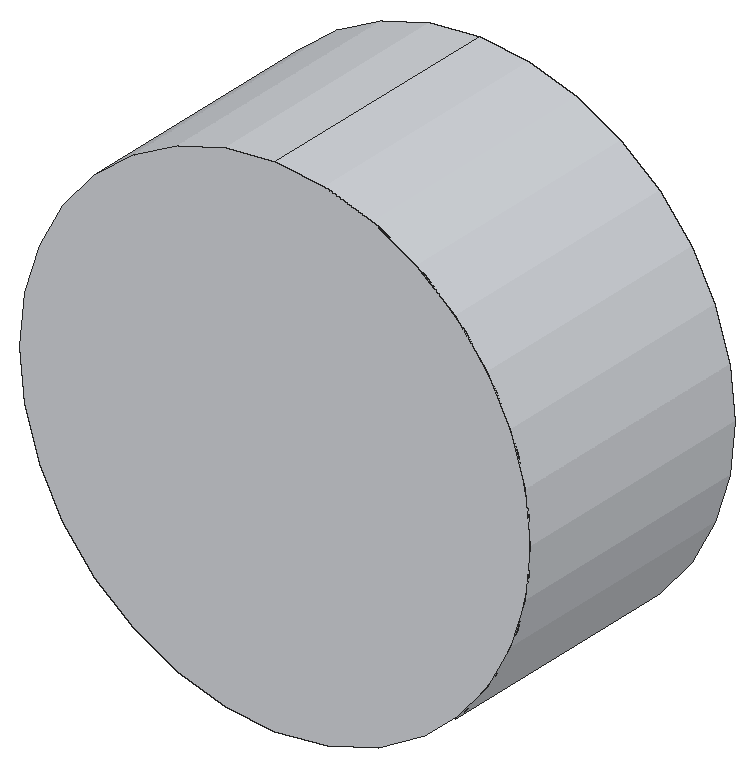
Revit family "UF-653-011_DLISA-I", category Equipement spécialisé, Revit 2021
Family settings
  Cote de connecteur circulaire = Utiliser le diamètre
  Type d'élément = Normal
  Numéro OmniClass = 23.85.50.31.11
  Titre OmniClass = Door Entry Telephones
  Basée sur le plan de construction = Non
  Toujours verticalement = Oui
  Couper avec des vides une fois chargée = Non
  Partagée = Non
  Point de calcul de pièce = Non
Parameters (values of type "Norme")
  d99 = 0 mm
  d98 = 0 mm
  d97 = 0 mm
  d96 = 0 mm
  d94 = 0 mm
  d93 = 0 mm
  d92 = 0 mm
  d91 = d90  # 45.00°
  d90 = 45.00°
  d89 = d85 / 2  # 0 mm
  d88 = 0 mm
  d87 = 0 mm
  d86 = 0 mm
  d85 = 0 mm
  d84 = 0 mm
  d82 = 0 mm
  d81 = 0 mm
  d80 = 0 mm
  d79 = 0 mm
  d78 = 0 mm
  d77 = 0 mm
  d76 = 0 mm
  d75 = 0 mm
  d74 = 0 mm
  d73 = 0 mm
  d63 = 0 mm
  d60 = 0 mm
  d57 = 0 mm
  d56 = 0 mm
  d55 = 0 mm
  d42 = 0 mm
  d41 = 0 mm
  d39 = 0 mm
  d38 = d36  # 0 mm
  d37 = d36  # 0 mm
  d36 = 0 mm
  d35 = 0 mm
  d34 = 0 mm
  d32 = 0 mm
  d31 = 0 mm
  d30 = 0 mm
  d3 = 0 mm
  d2 = 0 mm
  d122 = 0 mm
  d121 = 0 mm
  d120 = 0 mm
  d118 = 0 mm
  d117 = 0 mm
  d113 = 0 mm
  d108 = d107  # 0 mm
  d107 = 0 mm
  d106 = 0 mm
  d105 = d92  # 0 mm
  d104 = 0 mm
  d103 = d102  # 0 mm
  d102 = d101 / 2  # 0 mm
  d101 = 0 mm
  d1 = 0 mm
  d0 = 0 mm
  URL = "www.urmet.fr"
  Modèle = "DLISA-I"
  Fabricant = "URMET FRANCE"
  Elévation par défaut = 0 mm
  Description = "GAMME 2VOICE"
Reference planes
  plane 1 "Centre (avant/arrière)": y = 0
  plane 2: z = 0
  plane 3 "Centre (gauche/droite)": x = 0
Forms (mm)
  Extrusion 1, solid
    sketch origin (0, 50, 0) x (0, 0, 1) y (1, 0, 0)
      loop
        circle (0, 0) r 3.048
    from 0 to -3.048
Dimensions and locks
  aligned and locked: level to plane 2
Connectors
  electrical at (0, 50, 0)
    settings: on Extrusion 1, index 1, voltage 0 V, apparent load 0 VA, apparent load phase1 0 VA, apparent load phase2 0 VA, apparent load phase3 0 VA, power factor 1, load classification "Autre", number of poles 1, system type 12, power factor state 1, is connector primary yes, connector utility no, sub classification motor no, connector description ""
